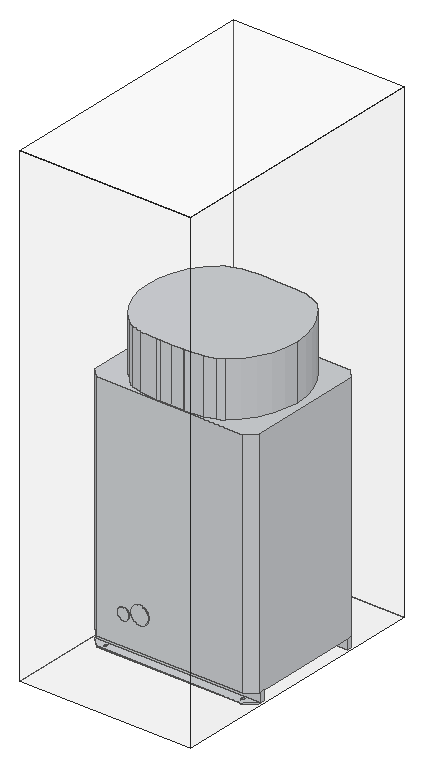
Revit family "室外機（高効率50Hz）_MEE修正", category 機械設備, Revit 2019 (continued)
Types (45, lengths in mm): name | 風量（m3／min） | 風量 | 音響パワーレベル(dB) | 電源位置2X（ユニット3） | 電源位置2X（ユニット2） | 電源位置2X（ユニット1） | 電源位置1X（ユニット3） | 電源位置1X（ユニット2） | 電源位置1X（ユニット1） | 電動機出力_送風機 | 電動機出力_圧縮機 | 消費電力_暖房 | 消費電力_冷房 | 消費電力 | 最小電線太さ_mm2 | 暖房能力 | 推奨ブレーカー容量 | 参照している仕様書等のバージョン | 冷房能力 | 冷媒管（液）位置2 (ユニット3) | 冷媒管（液）位置2 (ユニット2) | 冷媒管（液）位置1 (ユニット3） | 冷媒管（ガス）位置2 (ユニット3) | 冷媒管（ガス）位置2 (ユニット2) | 冷媒管（液）位置1 (ユニット1) | 冷媒管（液）位置2 (ユニット1) | 冷媒管（ガス）位置2 (ユニット1) | 冷媒管（液）位置1 (ユニット2） | 冷媒管径符号 | 冷媒管位置3 (ユニット3) | 冷媒管位置3 (ユニット2) | 冷媒管位置3 (ユニット1) | 冷媒管位置2 (ユニット3) | 冷媒管位置2 (ユニット2) | 冷媒管位置1 (ユニット2) | 冷媒管位置2 (ユニット1) | 冷媒管位置1 (ユニット3) | 冷媒管位置1 (ユニット1) | 冷媒液管径3 | 冷媒液管径2 | 冷媒液管径 | 冷媒ガス管径3 | 冷媒ガス管径2 | 冷媒ガス管径 | ユニット隙間 | ユニット数 | ユニットタイプ3 | ユニットタイプ2 | ユニットタイプ1 | ユニット3 | ユニット2 | モデル | サービススペース_タイプA | アンカーボルト位置X（ユニット3） | アンカーボルト位置X（ユニット2） | アンカーボルト位置X（ユニット1） | Width3 | Width2 | Width1 | Width | URL | MAX風量 | Clearance Right | Clearance Left | Clearance Back | APF
  PUHY-P900DMG7_タイプB | 460 | 27600.0 m³/h | 90 | 227 | 227 | 227 | 251 | 251 | 251 | 1.3 kW | 27.2 kW | 27.9 kW | 34.8 kW | 34.8 kW | 100 | 100 kW | 175 A | "公共建築工事標準仕様書（機械設備工事編）平成31年度版" | 90 kW | 144 | 144 | 301 | 145 | 145 | 301 | 144 | 145 | 301 | "Ei" | 205 | 205 | 205 | 144.5 | 144.5 | 342.5 | 144.5 | 342.5 | 342.5 | 15.88 | 15.88 | 15.88 | 28.58 | 28.58 | 28.58 | 100 | 2 | 筐体モジュール（高効率） : 450筐体 | 筐体モジュール（高効率） : 450筐体 | 筐体モジュール（高効率） : 450筐体 | no | yes | "PUHY-P900DMG7" | no | 1060 | 1060 | 1060 | 1220 | 1220 | 1220 | 2540 | "https://www.mitsubishielectric.co.jp/ldg/wink/ssl/displayProduct.do?pid=307627" | 27600.0 m³/h | 50 | 50 | 100 | 5.4
  PUHY-P950DMG7_タイプB | 590 | 35400.0 m³/h | 89.5 | 227 | 227 | 516 | 251 | 251 | 541 | 1.57 kW | 28.8 kW | 29.7 kW | 36.4 kW | 36.4 kW | 100 | 106 kW | 175 A | "公共建築工事標準仕様書（機械設備工事編）平成31年度版" | 95 kW | 144 | 144 | 301 | 145 | 145 | 590 | 144 | 145 | 301 | "Ek" | 205 | 205 | 205 | 144.5 | 144.5 | 342.5 | 144.5 | 342.5 | 631.5 | 15.88 | 15.88 | 15.88 | 28.58 | 28.58 | 28.58 | 100 | 2 | 筐体モジュール（高効率） : 450筐体 | 筐体モジュール（高効率） : 450筐体 | 筐体モジュール.（高効率） : 500筐体 | no | yes | "PUHY-P950DMG7" | no | 1060 | 1060 | 795 | 1220 | 1220 | 1750 | 3070 | "https://www.mitsubishielectric.co.jp/ldg/wink/ssl/displayProduct.do?pid=307630" | 35400.0 m³/h | 50 | 50 | 100 | 5.2
